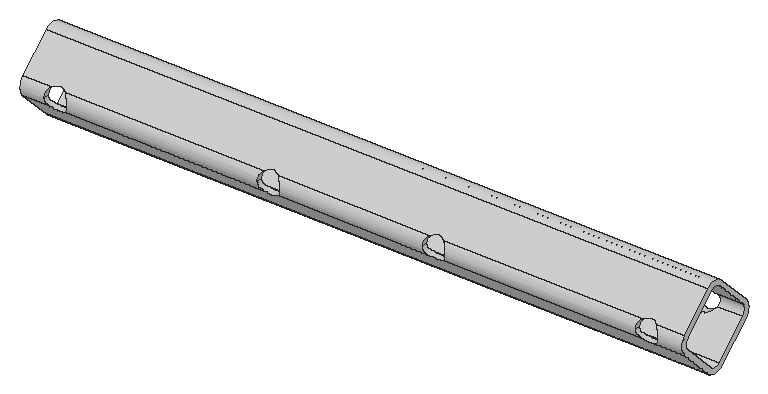
Revit family "DOUBLE SPIGOT_2127825", category Generic Models, Revit 2018
Family settings
  Can host rebar = No
  Round Connector Dimension = Use Diameter
  Part Type = Normal
  OmniClass Number = 35.51.17.00
  OmniClass Title = SCAFFOLDING SHORING AND FENCING
  Work Plane-Based = Yes
  Always vertical = No
  Cut with Voids When Loaded = No
  Shared = Yes
  Room Calculation Point = No
Parameters
  VERSION = "20170217"  # constant formula
  URL = "www.ulmaconstruction.com/en"
  UNICLASS = ""
  Model = ""
  Manufacturer = "ULMA CONSTRUCTION"  # constant formula
  ITEM_WEIGHT = 1.10 kg
  ITEM_CODE = "2127825"
  FILTER [instance] = ""
  Default Elevation = 0.00 mm
  CLASSIFICATION_TITLE = ""
  CLASSIFICATION_NUMBER = ""
Reference planes
  plane 1 "Centro (Frontal/Posterior)": y = 0
  plane 2: z = 0
  plane 3 "Centro (Izquierda/Derecha)": x = 0
Forms (mm)
  Extrusion 1, solid, material "ULMA ZINC", detail levels fine
    sketch origin (0, 0, 0) x (0, 1, 0) y (0, 0, 1)
      loop
        line (18.314, 4.313) -> (4.313, 18.314)
        arc (4.313, 18.314) -> (0, 20.101) -> (-4.313, 18.314) r 6.1
        line (-4.313, 18.314) -> (-18.314, 4.313)
        arc (-18.314, 4.313) -> (-20.101, 0) -> (-18.314, -4.313) r 6.1
        line (-18.314, -4.313) -> (-4.313, -18.314)
        arc (-4.313, -18.314) -> (0, -20.101) -> (4.313, -18.314) r 6.1
        line (4.313, -18.314) -> (18.314, -4.313)
        arc (18.314, -4.313) -> (20.101, 0) -> (18.314, 4.313) r 6.1
      loop
        arc (2.687, 16.688) -> (0, 17.801) -> (-2.687, 16.688) r 3.8
        line (-2.687, 16.688) -> (-16.688, 2.687)
        arc (-16.688, 2.687) -> (-17.801, 0) -> (-16.688, -2.687) r 3.8
        line (-16.688, -2.687) -> (-2.687, -16.688)
        arc (-2.687, -16.688) -> (0, -17.801) -> (2.687, -16.688) r 3.8
        line (2.687, -16.688) -> (16.688, -2.687)
        arc (16.688, -2.687) -> (17.801, 0) -> (16.688, 2.687) r 3.8
        line (16.688, 2.687) -> (2.687, 16.688)
    from -160 to 160
  Extrusion 2, void
    sketch origin (0, 0, 0) x (1, 0, 0) y (0, 0, 1)
      loop
        circle (-40, 0) r 5.5
      loop
        circle (40, 0) r 5.5
      loop
        circle (143, 0) r 5.5
      loop
        circle (-143, 0) r 5.5
    from -31.809 to 39.824
Cuts and joins
  Extrusion 2 cuts Extrusion 1
Lines and regions (mm)
  model lines, style "ULMA BEAMS", detail levels medium
    curve 1: line (-160, 0, 0) -> (160, 0, 0)
